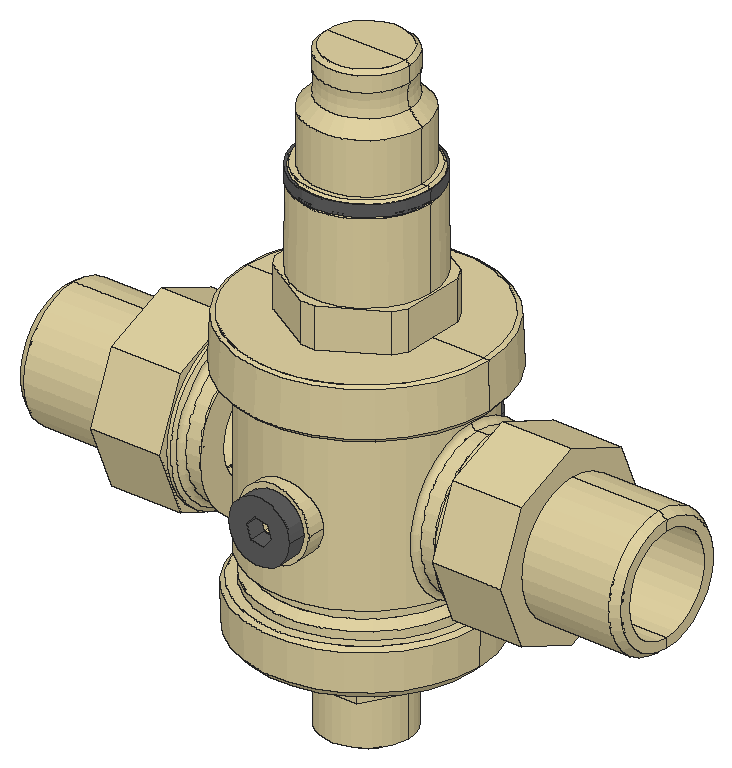
Revit family "HS00130000", category Apparecchi idraulici, Revit 2020
Family settings
  Quota connettore circolare = Usa diametro
  Tipo di parte = Normale
  Numero OmniClass = 23.45.00.00
  Titolo OmniClass = Sanitary, Laundry, and Cleaning Equipment
  Basato su piano di lavoro = No
  Sempre verticale = Sì
  Taglio con vuoti quando caricato = No
  Condiviso = No
  Punto di calcolo locali = No
Parameters
  URL = "https://web.cimberio.it/index.php/figura/893?subcategoria_id=42"
  Temperatura di esercizio = "0 ÷ 80°C"
  Prospetto di default = 0 mm
  Produttore = "CIMBERIO SPA"
  Pressione nominale = "PN 25"
  Modello = "Cim 1420"
  Materiale = "Prodotto in lega di ottone conforme alla norma EN 12165-CW617N-DW"
  Descrizione = "Utilizzato nei più svariati settori dell'impiantistica: reti di distribuzione acqua potabile, impianti di riscaldamento, condizionamento, igienico-sanitari e in generale con ogni fluido non corrosivo."
  DN  Model [instance] = HS00131025 : HS00131025
  DN [instance] = 25 mm
  Commenti sul tipo = "Realizzato in ottemperanza ai requisiti gestionali della norma EN ISO 9001. Collaudato al 100% secondo la normativa EN 12266-1"
Reference planes
  plane 1 "Centro (Fronte/Retro)": y = 0
  plane 2: z = 0
  plane 3 "Centro (Sinistra/Destra)": x = 0
Dimensions and locks
  aligned and locked: level to plane 2
Nested families
  nested 1: "HS00131025" at (0, 0, 0), type <- "DN  Model", type "HS00131025"
Connectors
  piping at (78.75, 0, 0), diameter 25, driven by "DN"
    settings: on nested 1, index 1, connector inside diameter 609.6 mm, connector length 0 mm, flow factor 0, pipe flow 0.0 L/s, pressure drop 0.0 Pa, fitting loss kfactor 0, connector angle 0.00°, fixture units 0, engagement length 0 mm, angle of deflection 0.00°, flow configuration 0, flow direction 0, fitting loss method 0, system type 7, joint type 0, gender type 0, connector reference index -1, connector utility 0, adjustable connector no, is connector primary yes, connector description ""
  piping at (-78.75, 0, 0), diameter 25, driven by "DN"
    settings: on nested 1, index 2, connector inside diameter 609.6 mm, connector length 0 mm, flow factor 0, pipe flow 0.0 L/s, pressure drop 0.0 Pa, fitting loss kfactor 0, connector angle 0.00°, fixture units 0, engagement length 0 mm, angle of deflection 0.00°, flow configuration 0, flow direction 0, fitting loss method 0, system type 7, joint type 0, gender type 0, connector reference index -1, connector utility 0, adjustable connector no, is connector primary no, connector description ""
Definition of nested family "HS00131025"
  Parameters (values of type "HS00131025")
    Default Elevation = 0 mm
  Reference planes
    plane 1 "Centro (Fronte/Retro)": y = 0
    plane 2: z = 0
    plane 3 "Centro (Sinistra/Destra)": x = 0
  Forms (mm)
    Revolve 1, solid
      sketch origin (0, 0, 4.5) x (1, 0, 0) y (0, 0, 1)
        loop
          line (-12.5, 32) -> (-31, 32) -> (-32.021, 31.462) -> (-32.462, 19.999) -> (-31.5, 19) -> (-27.5, 19) -> (-27.5, -23) -> (-25.982, -23)
          arc (-25.982, -23) -> (-24.938, -23.432) -> (-24.506, -24.476) r 1.476
          line (-24.506, -24.476) -> (-24.506, -26.5) -> (-26.435, -28.43) -> (-26.435, -30.5) -> (-29, -30.5) -> (-29.98, -31.5) -> (-29.79, -41) -> (-27.75, -43) -> (-12.5, -43) -> (-12.5, 32)
        axis (0, 32) -> (0, -43)
      angle from 0 to 360
    Revolve 2, solid
      sketch origin (0, 0, 15.5) x (1, 0, 0) y (0, 0, 1)
        loop
          line (0, 83.5) -> (-10.25, 83.5) -> (-11.25, 82.5) -> (-11.25, 78.499)
          arc (-11.25, 78.499) -> (-10.85, 75.5) -> (-11.25, 72.5) r 11.435
          line (-11.25, 72.5) -> (-14.564, 69.186) -> (-14.564, 56) -> (-16, 56) -> (-16.79, 55.21) -> (-16.79, 52.79) -> (-16, 52) -> (-16.79, 52) -> (-17, 31.25) -> (0, 31.25) -> (0, 83.5)
        axis (0, 83.5) -> (0, 31.25)
      angle from 0 to 360
    Extrusion 3, solid
      sketch origin (0, 0, 0) x (1, 0, 0) y (0, 1, 0)
        loop
          line (13, 0) -> (6.5, 11.258) -> (-6.5, 11.258) -> (-13, 0) -> (-6.5, -11.258) -> (6.5, -11.258) -> (13, 0)
      from -48.414 to -38
    Revolve 4, solid
      sketch origin (0, 0, -10.5) x (1, 0, 0) y (0, 0, 1)
        loop
          line (0, -37.914) -> (0, -50.5) -> (9.268, -50.5) -> (11, -49.5) -> (11, -37.914) -> (0, -37.914)
        axis (0, -37.914) -> (0, -50.5)
      angle from 0 to 360
    Extrusion 5, solid
      sketch origin (0, 0, 8.063) x (1, 0, 0) y (0, 1, 0)
        loop
          circle (0, 0) r 14
        loop
          circle (0, 0) r 17
      from 59.937 to 62.937
    Extrusion 6, solid
      sketch origin (0, 0, 0) x (1, 0, 0) y (0, 0, 1)
        loop
          circle (0, 0) r 9.25
        loop
          line (-1.055, 3.299) -> (-3.385, 0.736) -> (-2.33, -2.564) -> (1.055, -3.299) -> (3.385, -0.736) -> (2.33, 2.564) -> (-1.055, 3.299)
      from -30.6 to 30.6
    Extrusion 7, solid
      sketch origin (0, 0, 0) x (1, 0, 0) y (0, 0, 1)
        loop
          circle (0, 0) r 8
        loop
          line (-3.385, 0.736) -> (-2.33, -2.564) -> (1.055, -3.299) -> (3.385, -0.736) -> (2.33, 2.564) -> (-1.055, 3.299) -> (-3.385, 0.736)
      from 30.6 to 35.1
    Extrusion 8, solid
      sketch origin (0, 0, 0) x (1, 0, 0) y (0, 0, -1)
        loop
          circle (0, 0) r 8
        loop
          line (-3.385, -0.736) -> (-1.055, -3.299) -> (2.33, -2.564) -> (3.385, 0.736) -> (1.055, 3.299) -> (-2.33, 2.564) -> (-3.385, -0.736)
      from 30.6 to 35.1
    Extrusion 9, solid
      sketch origin (0, 0, 0) x (0, -1, 0) y (1, 0, 0)
        loop
          arc (-19.162, 1.805) -> (-19.247, 0) -> (-19.162, -1.805) r 19.25
          line (-19.162, -1.805) -> (-11.143, -15.695)
          arc (-11.143, -15.695) -> (-9.622, -16.671) -> (-8.016, -17.5) r 19.25
          line (-8.016, -17.5) -> (8.023, -17.5)
          arc (8.023, -17.5) -> (9.628, -16.671) -> (11.149, -15.695) r 19.25
          line (11.149, -15.695) -> (19.168, -1.805)
          arc (19.168, -1.805) -> (19.253, 0) -> (19.168, 1.805) r 19.25
          line (19.168, 1.805) -> (11.149, 15.695)
          arc (11.149, 15.695) -> (9.628, 16.671) -> (8.023, 17.5) r 19.25
          line (8.023, 17.5) -> (-8.016, 17.5)
          arc (-8.016, 17.5) -> (-9.622, 16.671) -> (-11.143, 15.695) r 19.25
          line (-11.143, 15.695) -> (-19.162, 1.805)
      from 36.5 to 46.75
    Revolve 10, solid
      sketch origin (0, 0, 0) x (1, 0, 0) y (0, 0, 1)
        loop
          line (-28.998, 18.5) -> (-32.5, 18.5)
          arc (-32.5, 18.5) -> (-33.508, 18.889) -> (-33.993, 19.854) r 1.5
          line (-33.993, 19.854) -> (-34.638, 20.971) -> (-35.75, 20.971) -> (-35.75, 12.5) -> (-27.523, 12.5) -> (-27.523, 19.976)
          arc (-27.523, 19.976) -> (-27.955, 18.932) -> (-28.998, 18.5) r 1.476
        axis (-35.75, 0) -> (-27.523, 0)
      angle from 0 to 360
    Extrusion 11, solid
      sketch origin (0, 0, 0) x (0, 1, 0) y (0, 0, 1)
        loop
          circle (0, 0) r 12.5
        loop
          line (0, 23) -> (-16.263, 16.263) -> (-23, 0) -> (-16.263, -16.263) -> (0, -23) -> (16.263, -16.263) -> (23, 0) -> (16.263, 16.263) -> (0, 23)
      from -53.75 to -35.75
    Revolve 12, solid
      sketch origin (0, 0, 0) x (1, 0, 0) y (0, 0, 1)
        loop
          line (-78.75, 12.5) -> (-53.75, 12.5) -> (-53.75, 16.47) -> (-76.651, 16.47) -> (-78.75, 15) -> (-78.75, 12.5)
        axis (-78.75, 0) -> (-53.75, 0)
      angle from 0 to 360
    Revolve 13, solid
      sketch origin (0, 0, 0) x (-1, 0, 0) y (0, 0, 1)
        loop
          line (-28.998, 18.5) -> (-32.5, 18.5)
          arc (-32.5, 18.5) -> (-33.508, 18.889) -> (-33.993, 19.854) r 1.5
          line (-33.993, 19.854) -> (-34.638, 20.971) -> (-35.75, 20.971) -> (-35.75, 12.5) -> (-27.523, 12.5) -> (-27.523, 19.976)
          arc (-27.523, 19.976) -> (-27.955, 18.932) -> (-28.998, 18.5) r 1.476
        axis (-35.75, 0) -> (-27.523, 0)
      angle from 0 to 360
    Revolve 14, solid
      sketch origin (0, 0, 0) x (-1, 0, 0) y (0, 0, 1)
        loop
          line (-78.75, 12.5) -> (-53.75, 12.5) -> (-53.75, 16.47) -> (-76.651, 16.47) -> (-78.75, 15) -> (-78.75, 12.5)
        axis (-78.75, 0) -> (-53.75, 0)
      angle from 0 to 360
    Extrusion 15, solid
      sketch origin (0, 0, 0) x (0, 1, 0) y (0, 0, -1)
        loop
          circle (0, 0) r 12.5
        loop
          line (0, -23) -> (16.263, -16.263) -> (23, 0) -> (16.263, 16.263) -> (0, 23) -> (-16.263, 16.263) -> (-23, 0) -> (-16.263, -16.263) -> (0, -23)
      from -53.75 to -35.75
  Dimensions and locks
    aligned and locked: level to plane 2
